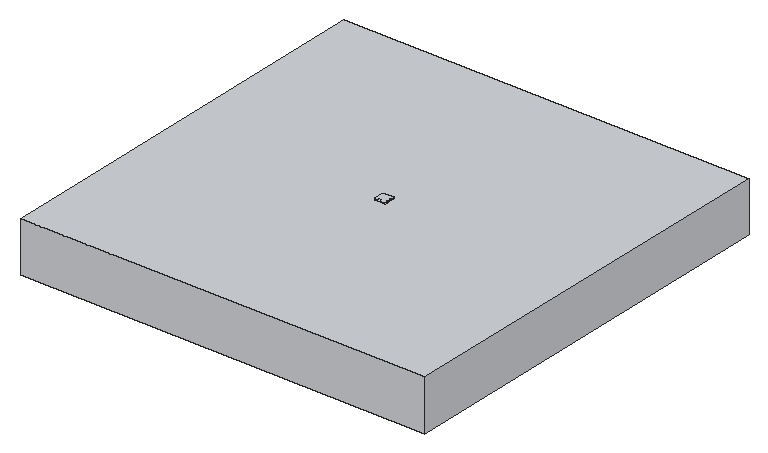
Revit family "Gira_010300", category Allgemeines Modell, Revit 2017
Family settings
  Basisbauteil = Fläche
  Kann Basisbauteil für Bewehrung sein = Nein
  Bemaßung runder Anschluss = Durchmesser verwenden
  Teiletyp = Normal
  Beim Laden mit Abzugskörper schneiden = Nein
  Gemeinsam genutzt = Nein
  Raumberechnungspunkt = Nein
Parameters
  With mounting plate = no
  With memory function = no
  With label area = no
  With glass breaking detector connection = no
  With brightness sensor connection = no
  With N-busbar = no
  With LED indication = no
  With Astro program = no
  Wiring system = "3-pole switch"
  Washing machine switch = no
  Default Elevation = 1219.2 mm
  URL = "https://www.gira.de/"
  Typname = "Rocker sw. CB 3-p Insert"
  Type of load = "Universal"
  Type of lighting = "Not included"
  Type of fastening = "Mounting with claw and screw"
  Transparent = no
  Through loss at 860 MHz [B] = 0.1
  Through loss at 2150 MHz [B] = 0.1
  Temperature [Kelvin] = "[5:45]"
  Switch-off protection = no
  Surface protection = "Other"
  Surface finishing = "Not applicable"
  Suitable for wire wound low voltage transformer = yes
  Suitable for wind sensor = no
  Suitable for staircase time switch = no
  Suitable for rain sensor = no
  Suitable for fluorescent tube/energy-saving lamp = yes
  Suitable for electronic low voltage transformer = yes
  Suitable for degree of protection (IP) = "IP20"
  Suitable for 230 V incandescent lamp/halogen lamp = yes
  Substation input = yes
  Shielded housing = no
  Shielded buses = yes
  Serial dimmer = no
  Separate strain relief = yes
  Rated current = 16 A
  Random generator = no
  Push button switch = no
  Productwebsite = "http://katalog.gira.de/en/datenblatt.html?artikelnr=010300"
  Output voltage [Volt] = 5
  Other bus systems = "None"
  Operating voltage [Volt] = "[110:240]"
  Only suitable as substation = no
  Number of rockers = 1
  Number of outputs = 2
  Number of modules (module system) = 1
  Nominal voltage [Volt] 3 = "[230:230]"
  Nominal voltage [Volt] 2 = "[230:230]"
  Nominal voltage [Volt] = 400
  Mounting method shielding connection = "Screw"
  Mounting method = "Flush mounted (plaster)"
  Model = "Bus"
  Min. depth of built-in installation box [m] = 0.024
  Method of operation = "Rocker/button"
  Mechanical coding = no
  Max. switching power [Voltampere] = 1000
  Max. output current = 1.4 A
  Material quality = "Other"
  Material = "Other"
  Light value memory = no
  Label space/information surface 5 = "No"
  Label space/information surface 4 = "No"
  Integrated timer = no
  Input for substation = no
  Illumination = "No"
  Hersteller = "Gira"
  Halogen free = no
  HAN = "010300"
  GTIN = "4010337103004"
  Function lighting = "Control and orientation"
  Frequency [Hz] = "[50:60]"
  Forced switch off = no
  Feedback-signal contact = no
  Dimming phase cut-on = yes
  Dimming phase cut-off = yes
  Degree of protection (IP) = "IP20"
  Data sheet = "https://katalog.gira.de/en/download.html?artikelnr=010300"
  Connection type = "Screwed terminal"
  Colour = "Other"
  Category = "Other"
  Bus system radio frequent = no
  Bus system Powernet = no
  Bus system LON = no
  Bus system KNX radio = no
  Bus system KNX = yes
  Bus connection included = yes
  Beschreibung = "Rock.sw.CB 3-p Ins.,Rocker switch insert 16 A 400 V~,,Circuit breaker 3-pole ,Features:,- With screw terminals."
  BIM = "https://media.stage.bim.site/public/gira/290f3eb/Einsatz_1fach.rfa"
  Assembly arrangement = "Basic element"
  Applicable with transmission button = no
  Applicable with time switch/timer = no
  Applicable with presence indicator = yes
  Applicable with movement sensor = yes
  Applicable with infrared button = no
  Applicable with button = yes
  App control via Bluetooth = no
Reference planes
  plane 1 "Center (Front/Back)": y = 0
  plane 2: z = 0
  plane 3 "Center (Left/Right)": x = 0
Forms (mm)
  Extrusion 1, solid
    sketch origin (0, 0, 0) x (1, 0, 0) y (0, 1, 0)
      loop
        line (-1219.2, 1219.2) -> (-1219.2, -1219.2) -> (1219.2, -1219.2) -> (1219.2, 1219.2) -> (-1219.2, 1219.2)
    from 0 to -304.8
  Extrusion 2, solid, detail levels fine
    sketch origin (0, 0, 0) x (1, 0, 0) y (0, 1, 0)
      loop
        line (27.475, 35.475) -> (-27.475, 35.475)
        arc (-27.475, 35.475) -> (-33.132, 33.132) -> (-35.475, 27.475) r 8
        line (-35.475, 27.475) -> (-35.475, -27.475)
        arc (-35.475, -27.475) -> (-33.132, -33.132) -> (-27.475, -35.475) r 8
        line (-27.475, -35.475) -> (27.475, -35.475)
        arc (27.475, -35.475) -> (33.132, -33.132) -> (35.475, -27.475) r 8
        line (35.475, -27.475) -> (35.475, 27.475)
        arc (35.475, 27.475) -> (33.132, 33.132) -> (27.475, 35.475) r 8
    from 0 to 1.8
  Extrusion 3, solid, detail levels fine
    sketch origin (0, 0, 0) x (1, 0, 0) y (0, 1, 0)
      loop
        line (9.678, 25.4) -> (-9.678, 25.4)
        arc (-9.678, 25.4) -> (-12.885, 24.922) -> (-15.814, 23.53) r 11
        arc (-15.814, 23.53) -> (-17.795, 22.07) -> (-19.641, 20.444) r 28.35
        arc (-19.641, 20.444) -> (-21.339, 18.665) -> (-22.876, 16.745) r 28.35
        arc (-22.876, 16.745) -> (-24.456, 13.666) -> (-25, 10.248) r 11
        line (-25, 10.248) -> (-25, -10.248)
        arc (-25, -10.248) -> (-24.456, -13.666) -> (-22.876, -16.745) r 11
        arc (-22.876, -16.745) -> (-20.409, -19.677) -> (-17.569, -22.25) r 28.35
        line (-17.569, -22.25) -> (17.569, -22.25)
        arc (17.569, -22.25) -> (20.409, -19.677) -> (22.876, -16.745) r 28.35
        arc (22.876, -16.745) -> (24.456, -13.666) -> (25, -10.248) r 11
        line (25, -10.248) -> (25, 10.248)
        arc (25, 10.248) -> (24.456, 13.666) -> (22.876, 16.745) r 11
        arc (22.876, 16.745) -> (21.593, 18.37) -> (20.195, 19.897) r 28.35
        arc (20.195, 19.897) -> (18.096, 21.823) -> (15.814, 23.53) r 28.35
        arc (15.814, 23.53) -> (12.885, 24.922) -> (9.678, 25.4) r 11
    from 0 to -22
  Extrusion 4, solid, detail levels medium
    sketch origin (0, 0, 0) x (1, 0, 0) y (0, 1, 0)
      loop
        line (-25, 25.4) -> (-25, -22.25) -> (25, -22.25) -> (25, 25.4) -> (-25, 25.4)
    from 0 to -22
  Extrusion 5, solid, detail levels coarse
    sketch origin (0, 0, 0) x (1, 0, 0) y (0, 1, 0)
      loop
        line (35.475, 35.475) -> (-35.475, 35.475) -> (-35.475, -35.475) -> (35.475, -35.475) -> (35.475, 35.475)
    from -22 to 1.8
  Extrusion 6, solid, detail levels medium
    sketch origin (0, 0, 0) x (1, 0, 0) y (0, 1, 0)
      loop
        line (35.475, 35.475) -> (-35.475, 35.475) -> (-35.475, -35.475) -> (35.475, -35.475) -> (35.475, 35.475)
    from 0 to 1.8
Dimensions and locks
  aligned and locked: plane 2 to Extrusion 1
  aligned and locked: level to Extrusion 1
Connectors
  electrical at (0, 0, -22)
    settings: on Extrusion 5, index 1, voltage 220 V, apparent load 0 VA, apparent load phase1 0 VA, apparent load phase2 0 VA, apparent load phase3 0 VA, power factor 1, load classification "Other", number of poles 1, system type 30, power factor state 1, is connector primary yes, connector utility no, sub classification motor no, connector description ""
